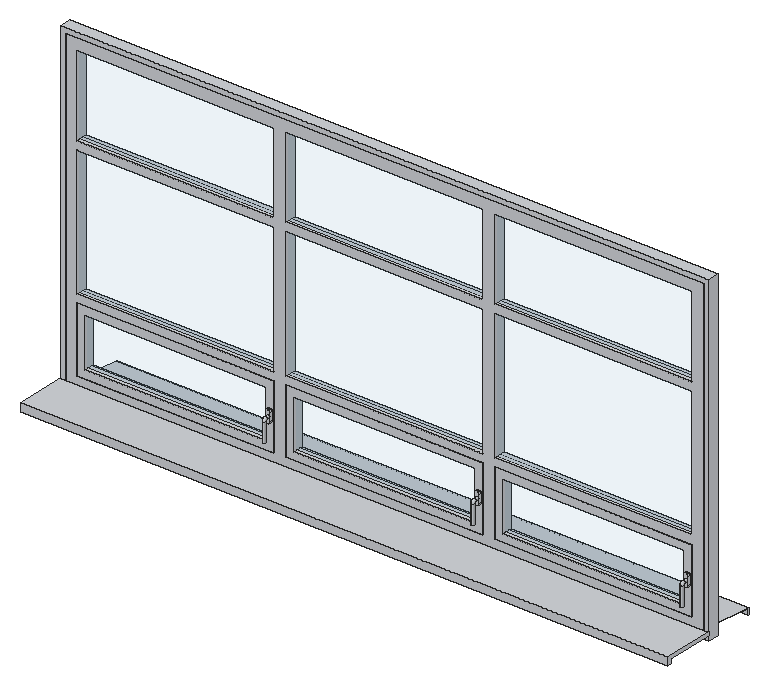
Revit family "AVLN_Окно_Две Фрамуга_3 створок  пробник", category Окна, Revit 2021
Family settings
  Основа = Стена
  Номер OmniClass = 23.30.20.00
  Заголовок OmniClass = Windows
  Всегда вертикально = Да
  При загрузке вырезать с полостями = Нет
  Общий = Нет
  Точка принадлежности помещению = Нет
Parameters (values of type "Для копирования!")
  Ширина рамы = 70 mm
  Ширина импоста = 50 mm
  Четверть слева/справа = 50 mm
  Четверть низ = 0 mm  # constant formula
  Четверть верх = 50 mm
  Створка_снизу_высота = 400 mm
  Створка_сверху_высота = 500 mm
  Низ право центр открывание = АВЛН_Створка открывная : Створка повороно-откидная левая
  Низ право открывание = АВЛН_Створка открывная : Створка повороно-откидная левая
  Низ лево центр открывание = АВЛН_Створка открывная : Створка повороно-откидная левая
  Низ лево открывание = АВЛН_Створка открывная : Створка повороно-откидная левая
  Створка_толщина = 25 mm  # constant formula
  Толщина основы [instance] = 200 mm
  Створка_центр_ширина = 1220 mm
  Створка_справа_ширина = 1220 mm
  Створка_слева_ширина = Width - ((Монтажный зазор * 2) + (Ширина рамы * 4) + Створка_справа_ширина + Створка_центр_ширина)  # 1220 mm
  Створка_профиль = 50 mm
  Створка_центр_высота = Height - (Створка_снизу_высота + Створка_сверху_высота + (Ширина рамы * 2) + Ширина импоста * 2 + (Монтажный зазор * 2))  # 800 mm
  Центр право открывание = АВЛН_Створка открывная : Створка глухая
  Центр лево центр открывание = АВЛН_Створка открывная : Створка глухая
  Центр лево открывание = АВЛН_Створка открывная : Створка глухая
  Центр право центр открывание = АВЛН_Створка открывная : Створка глухая
  Rough Width = Width - Монтажный зазор * 2  # 3940 mm
  Rough Height = Height - Монтажный зазор * 2  # 1940 mm
  Подстановочный профиль_Ширина = 20 mm  # constant formula
  Подстановочный профиль_Толщина = 60 mm
  Подоконник_Толщина = 20 mm
  Подоконник_Длина = Width  # 4000 mm
  Подоконник_Глубина = 280 mm
  Подоконник = yes
  М.Заполнение нижней створки = none
  Глубина импоста = 50 mm
  Глубина вставки = 0 mm
  Отлив_Толщина = 1 mm  # constant formula
  Отлив_Длина = Width - [Четверть слева/справа] * 2  # 3900 mm
  Отлив_Глубина = 280 mm
  Отлив = yes
  Откос_Н.Ширина = Width - 2 * [Четверть слева/справа]  # 3900 mm
  Откос_Н.Толщина.8 = 32 mm
  Откос_Н.Толщина.7 = 28 mm
  Откос_Н.Толщина.6 = 24 mm
  Откос_Н.Толщина.5 = 20 mm
  Откос_Н.Толщина.4 = 16 mm
  Откос_Н.Толщина.3 = 12 mm
  Откос_Н.Толщина.2 = 8 mm
  Откос_Н.Толщина.1 = 4 mm
  Откос_Н.Отступ_П = 0 mm  # constant formula
  Откос_Н.Отступ_Л = 0 mm  # constant formula
  Откос_Н.Количество слоев = 0
  Откос_Н.Глубина = 150 mm
  Откос_Н.Высота = Height - Четверть верх - Четверть низ  # 1950 mm
  Откос_В.Толщина.8 = 32 mm
  Откос_В.Толщина.7 = 28 mm
  Откос_В.Толщина.6 = 24 mm
  Откос_В.Толщина.5 = 20 mm
  Откос_В.Толщина.4 = 16 mm
  Откос_В.Толщина.3 = 12 mm
  Откос_В.Толщина.2 = 8 mm
  Откос_В.Толщина.1 = 4 mm
  Откос_В.Отступ_П [instance] = Монтажный зазор + Подоконник_Толщина  # 50 mm
  Откос_В.Отступ_Л [instance] = Монтажный зазор + Подоконник_Толщина  # 50 mm
  Откос_В.Количество слоев = 0
  Откос_В.Глубина [instance] = Толщина основы - Глубина вставки - Ширина рамы  # 130 mm
  Монтажный зазор = 30 mm
  М.Подоконник = none
  М.Отлив = none
  М.Откос_Н.8 = none
  М.Откос_Н.7 = none
  М.Откос_Н.6 = none
  М.Откос_Н.5 = none
  М.Откос_Н.4 = none
  М.Откос_Н.3 = none
  М.Откос_Н.2 = none
  М.Откос_Н.1 = none
  М.Откос_В.8 = none
  М.Откос_В.7 = none
  М.Откос_В.6 = none
  М.Откос_В.5 = none
  М.Откос_В.4 = none
  М.Откос_В.3 = none
  М.Откос_В.2 = none
  М.Откос_В.1 = none
  М.Монтажного зазора = none
  М.Стекла = none
  М.Рамы = none
  М.Подоконный профиль = none
  Type Comments = ""
  Height = 2000 mm
  Высота подоконника по умолчанию = 800 mm
  Замыкание стены = По основе
  Width = 4000 mm
  Верху право центр открывание = АВЛН_Створка открывная : Створка глухая
  Верх право открывание = АВЛН_Створка открывная : Створка глухая
  Верх лево центр открывание = АВЛН_Створка открывная : Створка глухая
  Верх лево открывание = АВЛН_Створка открывная : Створка глухая
  Аналитическая конструкция = "<Нет>"
  АВЛН_Проем_Ширина [instance] = Width  # 4000 mm
  АВЛН_Проем_Высота [instance] = Height  # 2000 mm
  ADSK_Этаж [instance] = ""
  ADSK_Размер_Ширина = Width  # 4000 mm
  ADSK_Размер_Высота = Height  # 2000 mm
  ADSK_Примечание [instance] = ""
  ADSK_Площадь = Height * Width  # 8.00 m²
  ADSK_Обозначение = ""
  ADSK_Номер секции [instance] = ""
  ADSK_Наименование = ""
  ADSK_Марка = ""
  ADSK_Группирование = ""
  -----------Разрезка----------- = "-----------"  # constant formula
  -----------Профили----------- = "-----------"  # constant formula
  -----------Подоконник----------- = "-----------"  # constant formula
  -----------Отлив----------- = "-----------"  # constant formula
  -----------Откос----------- = "-----------"  # constant formula
  -----------Основные габариты----------- = "-----------"  # constant formula
  -----------Вставка----------- = "-----------"  # constant formula
Reference planes
  plane 1 "По центру (Вперед/Назад)": y = 0
  plane 2 "По центру (Влево/Вправо)": x = 0
  plane 3 "Слева": x = -2000
  plane 4 "Справа": x = 2000
  plane 5 "Подоконник": z = 800
  plane 6 "Заголовок": z = 2800
  plane 7 "Наружный": y = 100
  plane 8 "Внутренние": y = -100
  plane 9 "Окно": y = 100
  plane 10: x = 1970
  plane 11: z = 2770
  plane 12: x = -1970
  plane 13: z = 830
  plane 14: x = 1950
  plane 15: x = -1950
  plane 16: z = 1800
  plane 17: y = 600
  plane 18: y = -400
  plane 19: z = 2750
  plane 20 "Чет. низ": z = 800
  plane 21 "Внутренняя грань": y = 30
  plane 22: y = 80
  plane 23 "Импост верх": z = 1350
  plane 24 "Импост низ": z = 1300
  plane 25: z = 900
  plane 26: z = 2700
  plane 27: x = -1900
  plane 28: x = 1900
  plane 29 "4": z = 1325
  plane 30 "5": x = -680
  plane 31 "6": x = -610
  plane 32 "7": x = 610
  plane 33 "8": x = 680
  plane 34 "10": x = 1290
  plane 35 "11": x = -1290
  plane 36 "12": z = 1750
  plane 37 "14": x = 0
  plane 38: z = 1100
  plane 39 "20": x = -610
  plane 40 "0": x = -645
  plane 41 "1": z = 2200
  plane 42 "2": z = 2150
  plane 43 "3": z = 2175
  plane 44 "17": z = 2450
Forms (mm)
  Extrusion 1, void
    sketch origin (0, 100, 0) x (1, 0, 0) y (0, 0, 1)
      loop
        line (1950, 2750) -> (-1950, 2750) -> (-1950, 800) -> (1950, 800) -> (1950, 2750)
    from -500 to 20
  Extrusion 2, void
    sketch origin (0, 100, 0) x (1, 0, 0) y (0, 0, 1)
      loop
        line (2000, 2800) -> (-2000, 2800) -> (-2000, 800) -> (2000, 800) -> (2000, 2800)
    from 0 to 500
  Extrusion 3, solid, material <- "М.Монтажного зазора", detail levels medium+fine
    sketch origin (0, 100, 0) x (1, 0, 0) y (0, 0, 1)
      loop
        line (2000, 2800) -> (-2000, 2800) -> (-2000, 800) -> (2000, 800) -> (2000, 2800)
      loop
        line (-1970, 2770) -> (-1970, 830) -> (1970, 830) -> (1970, 2770) -> (-1970, 2770)
    from 0 to 70
  Extrusion 4, solid, material <- "М.Рамы", detail levels medium+fine
    sketch origin (0, 100, 0) x (-1, 0, 0) y (0, 0, 1)
      loop
        line (-1970, 2770) -> (-1970, 830) -> (1970, 830) -> (1970, 2770) -> (-1970, 2770)
      loop
        line (610, 900) -> (610, 1300) -> (-610, 1300) -> (-610, 900) -> (610, 900)
      loop
        line (-680, 2700) -> (-1900, 2700) -> (-1900, 2200) -> (-680, 2200) -> (-680, 2700)
      loop
        line (-680, 900) -> (-680, 1300) -> (-1900, 1300) -> (-1900, 900) -> (-680, 900)
      loop
        line (-680, 1350) -> (-680, 2150) -> (-1900, 2150) -> (-1900, 1350) -> (-680, 1350)
      loop
        line (-610, 1350) -> (610, 1350) -> (610, 2150) -> (-610, 2150) -> (-610, 1350)
      loop
        line (680, 2700) -> (680, 2200) -> (1900, 2200) -> (1900, 2700) -> (680, 2700)
      loop
        line (680, 1350) -> (1900, 1350) -> (1900, 2150) -> (680, 2150) -> (680, 1350)
      loop
        line (680, 1300) -> (680, 900) -> (1900, 900) -> (1900, 1300) -> (680, 1300)
      loop
        line (610, 2700) -> (-610, 2700) -> (-610, 2200) -> (610, 2200) -> (610, 2700)
    from -70 to 0
Lines and regions (mm)
  reference lines
    curve 1: line (-2000, -100, 1325) -> (2000, -100, 1325)
    curve 2: line (-645, -100, 2800) -> (-645, -100, 800)
    curve 3: line (645, -100, 2800) -> (645, -100, 800)
    curve 4: line (0, -100, 2800) -> (0, -100, 800)
    curve 5: line (-2000, -100, 2175) -> (2000, -100, 2175)
Text (mm)
  text "EXTERIOR" at (-1963.203, 1332.353, 0), in view "Опорный уровень"
  text "INTERIOR" at (-1981.466, -818.386, 0), in view "Опорный уровень"
  text "Наружный" at (0, 923.751, 2943.296), in view "Справа"
  text "Наружный" at (0, 1240.237, 2685.409), in view "Слева"
Dimensions and locks
  equal spacing: plane 3 "Слева", plane 2 "По центру (Влево/Вправо)", plane 4 "Справа"
  "Width": plane 3 "Слева" to plane 4 "Справа"
  "Height": plane 5 "Подоконник" to plane 6 "Заголовок"
  "Высота подоконника по умолчанию": plane 5 "Подоконник" to level
  locked: plane 7 "Наружный" to host wall
  locked: plane 8 "Внутренние" to host wall
  "Глубина вставки": plane 9 "Окно" to plane 7 "Наружный"
  "Монтажный зазор": plane 10 to plane 4 "Справа"
  "Монтажный зазор": plane 3 "Слева" to plane 12
  "Монтажный зазор": plane 11 to plane 6 "Заголовок"
  "Монтажный зазор": plane 5 "Подоконник" to plane 13
  "Четверть слева/справа": plane 14 to plane 4 "Справа"
  "Четверть слева/справа": plane 3 "Слева" to plane 15
  equal spacing: plane 5 "Подоконник", plane 16, plane 6 "Заголовок"
  locked: plane 7 "Наружный" to plane 17 at 500
  locked: plane 18 to plane 8 "Внутренние" at 300
  "Четверть верх": plane 19 to plane 6 "Заголовок"
  "Четверть низ": plane 5 "Подоконник" to plane 20 "Чет. низ"
  "Ширина рамы": plane 9 "Окно" to plane 21 "Внутренняя грань"
  "Толщина основы": host wall to host wall
  locked: plane 22 to plane 21 "Внутренняя грань" at 50
  "Ширина импоста": plane 24 "Импост низ" to plane 23 "Импост верх"
  "Ширина рамы": plane 28 to plane 10
  "Ширина рамы": plane 12 to plane 27
  "Ширина рамы": plane 13 to plane 25
  "Ширина рамы": plane 26 to plane 11
  plane 23 "Импост верх" to plane 26 = 1350 mm
  "Створка_снизу_высота": plane 25 to plane 24 "Импост низ"
  equal spacing: plane 23 "Импост верх", plane 29 "4", plane 24 "Импост низ"
  "Створка_слева_ширина": plane 27 to plane 30 "5"
  "Ширина рамы": plane 30 "5" to plane 31 "6"
  "Ширина рамы": plane 32 "7" to plane 33 "8"
  "Створка_справа_ширина": plane 33 "8" to plane 28
  equal spacing: plane 32 "7", curve 3, plane 33 "8"
  equal spacing: plane 30 "5", curve 2, plane 31 "6"
  equal spacing: plane 33 "8", plane 34 "10", plane 28
  equal spacing: plane 27, plane 35 "11", plane 30 "5"
  equal spacing: plane 42 "2", plane 36 "12", plane 23 "Импост верх"
  equal spacing: plane 39 "20", plane 37 "14", plane 32 "7"
  equal spacing: plane 24 "Импост низ", plane 38, plane 25
  "Ширина импоста": plane 42 "2" to plane 41 "1"
  equal spacing: plane 41 "1", plane 43 "3", plane 42 "2"
  equal spacing: plane 26, plane 44 "17", plane 41 "1"
  "Створка_сверху_высота": plane 26 to plane 41 "1"
  plane 40 "0" to plane 39 "20" = 35 mm
  "Створка_центр_ширина": plane 39 "20" to plane 32 "7"
  "Глубина импоста": plane 22 to Extrusion 4
  aligned and locked: Extrusion 1 sketch curve to plane 14
  aligned and locked: Extrusion 1 sketch curve to plane 15
  aligned and locked: Extrusion 1 to plane 17
  aligned and locked: Extrusion 2 sketch curve to plane 6 "Заголовок"
  aligned and locked: Extrusion 2 sketch curve to plane 4 "Справа"
  aligned and locked: plane 5 "Подоконник" to Extrusion 2 sketch curve
  aligned and locked: plane 3 "Слева" to Extrusion 2 sketch curve
  aligned and locked: Extrusion 2 to plane 9 "Окно"
  aligned and locked: Extrusion 2 to plane 18
  aligned and locked: Extrusion 1 sketch curve to plane 19
  aligned and locked: Extrusion 1 sketch curve to plane 20 "Чет. низ"
  aligned and locked: plane 9 "Окно" to nested 1
  aligned and locked: plane 2 "По центру (Влево/Вправо)" to nested 1
  aligned and locked: nested 2 to plane 21 "Внутренняя грань"
  aligned and locked: nested 2 to plane 2 "По центру (Влево/Вправо)"
  aligned and locked: nested 3 to plane 2 "По центру (Влево/Вправо)"
  aligned and locked: plane 8 "Внутренние" to nested 3
  aligned and locked: nested 4 to plane 9 "Окно"
  aligned and locked: Extrusion 3 sketch curve to plane 6 "Заголовок"
  aligned and locked: Extrusion 3 sketch curve to plane 4 "Справа"
  aligned and locked: Extrusion 3 sketch curve to nested 2  (x2)
  aligned and locked: Extrusion 3 sketch curve to plane 11
  aligned and locked: Extrusion 3 sketch curve to plane 12
  aligned and locked: Extrusion 3 sketch curve to plane 13
  aligned and locked: Extrusion 3 sketch curve to plane 10
  aligned and locked: Extrusion 3 to nested 2
  aligned and locked: nested 4 to plane 20 "Чет. низ"
  aligned and locked: nested 4 to plane 2 "По центру (Влево/Вправо)"
  aligned and locked: Extrusion 3 to plane 9 "Окно"
  aligned and locked: Extrusion 4 to plane 9 "Окно"
  aligned and locked: Extrusion 1 to plane 22
  aligned and locked: curve 1 to plane 29 "4"
  aligned and locked: plane 6 "Заголовок" to curve 2
  aligned and locked: plane 6 "Заголовок" to curve 3
  aligned and locked: plane 5 "Подоконник" to curve 3
  aligned and locked: plane 5 "Подоконник" to curve 2
  aligned and locked: plane 34 "10" to nested 6
  aligned and locked: nested 6 to plane 36 "12"
  aligned and locked: plane 37 "14" to nested 7
  aligned and locked: plane 36 "12" to nested 7
  aligned and locked: plane 36 "12" to nested 5
  aligned and locked: plane 38 to nested 8
  aligned and locked: plane 38 to nested 9
  aligned and locked: plane 37 "14" to nested 9
  aligned and locked: nested 10 to plane 38
  aligned and locked: plane 34 "10" to nested 10
  aligned and locked: Extrusion 4 sketch curve to plane 10
  aligned and locked: Extrusion 4 sketch curve to plane 13
  aligned and locked: Extrusion 4 sketch curve to plane 12
  aligned and locked: Extrusion 4 sketch curve to plane 11
  aligned and locked: Extrusion 4 sketch curve to plane 25  (x2)
  aligned and locked: plane 25 to Extrusion 4 sketch curve
  aligned and locked: plane 24 "Импост низ" to Extrusion 4 sketch curve
  aligned and locked: plane 23 "Импост верх" to Extrusion 4 sketch curve
  aligned and locked: plane 26 to Extrusion 4 sketch curve
  aligned and locked: Extrusion 4 sketch curve to plane 28  (x2)
  aligned and locked: Extrusion 4 sketch curve to plane 23 "Импост верх"
  aligned and locked: Extrusion 4 sketch curve to plane 24 "Импост низ"
  aligned and locked: Extrusion 4 sketch curve to plane 26
  aligned and locked: Extrusion 4 sketch curve to plane 27  (x2)
  aligned and locked: curve 5 to plane 43 "3"
  aligned and locked: Extrusion 4 sketch curve to plane 41 "1"  (x3)
  aligned and locked: Extrusion 4 sketch curve to plane 42 "2"  (x3)
  aligned and locked: plane 34 "10" to nested 12
  aligned and locked: nested 12 to plane 44 "17"
  aligned and locked: plane 44 "17" to nested 11
  aligned and locked: plane 2 "По центру (Влево/Вправо)" to nested 13
  aligned and locked: plane 44 "17" to nested 13
  aligned and locked: plane 30 "5" to nested 11
  aligned and locked: plane 30 "5" to nested 5
  aligned and locked: plane 30 "5" to nested 8
  aligned and locked: plane 31 "6" to nested 13
  aligned and locked: plane 32 "7" to nested 13
  aligned and locked: nested 13 to Extrusion 4
  aligned and locked: plane 39 "20" to nested 13
  aligned and locked: plane 32 "7" to nested 7
  aligned and locked: plane 31 "6" to nested 7
  aligned and locked: plane 31 "6" to nested 9
  aligned and locked: plane 32 "7" to nested 9
  aligned and locked: plane 39 "20" to nested 7
  aligned and locked: plane 39 "20" to nested 9
  aligned and locked: nested 7 to Extrusion 4
  aligned and locked: nested 9 to Extrusion 4
Automatic sketch dimensions
  plane 3 "Слева" to curve 5 = 0 mm
  plane 4 "Справа" to curve 5 = 0 mm
  curve 4 to plane 5 "Подоконник" = 0 mm
  curve 4 to plane 6 "Заголовок" = 0 mm
  plane 28 to Extrusion 4 sketch curve = 0 mm
  Extrusion 4 sketch curve to plane 24 "Импост низ" = 0 mm
  Extrusion 4 sketch curve to plane 23 "Импост верх" = 0 mm
  Extrusion 4 sketch curve to plane 26 = 0 mm
  plane 27 to Extrusion 4 sketch curve = 0 mm
  Extrusion 4 sketch curve to plane 37 "14" = 680 mm  (x2)
  Extrusion 4 sketch curve to Extrusion 4 sketch curve = 0 mm  (x4)
  Extrusion 4 sketch curve to Extrusion 4 sketch curve = 70 mm  (x4)
  Extrusion 4 sketch curve to plane 31 "6" = 0 mm  (x2)
  plane 2 "По центру (Влево/Вправо)" to curve 4 = 0 mm
  plane 3 "Слева" to curve 1 = 0 mm
  plane 4 "Справа" to curve 1 = 0 mm
Nested families
  nested 1: "Отлив" at (0, 100, 800) x (-1, 0, 0) z (0, 0, 1), Глубина отлива <- "Отлив_Глубина", Длина отлива <- "Отлив_Длина", ТО <- "Отлив_Толщина", Ш_МЗЗ <- "Монтажный зазор", Ш_ПП <- "Подстановочный профиль_Ширина", ADSK_Группирование <- "ADSK_Группирование", ADSK_Номер секции <- "ADSK_Номер секции", ADSK_Этаж <- "ADSK_Этаж", visible <- "Отлив", М <- "М.Отлив", type "Отлив", detail levels fine
    with Ш_ПП 20 mm, Ш_МЗЗ 30 mm, ТО 1 mm, М none, Длина отлива 3900 mm, Глубина отлива 280 mm, ADSK_Этаж "", ADSK_Примечание "", ADSK_Обозначение "", ADSK_Номер секции "", ADSK_Наименование "", ADSK_Марка "", ADSK_Группирование ""
  nested 2: "Подоконник" at (0, 30, 800), Глубина подоконника <- "Подоконник_Глубина", Длина отлива <- "Подоконник_Длина", ТП <- "Подоконник_Толщина", Ш_МЗЗ <- "Монтажный зазор", Ш_ПП <- "Подстановочный профиль_Ширина", ADSK_Группирование <- "ADSK_Группирование", ADSK_Номер секции <- "ADSK_Номер секции", ADSK_Этаж <- "ADSK_Этаж", visible <- "Подоконник", М <- "М.Подоконник", type "Подоконник", detail levels fine
    with Ш_ПП 20 mm, Ш_МЗЗ 30 mm, ТП 20 mm, М none, Длина отлива 4000 mm, Глубина подоконника 280 mm, ADSK_Этаж "", ADSK_Примечание "", ADSK_Обозначение "", ADSK_Номер секции "", ADSK_Наименование "", ADSK_Марка "", ADSK_Группирование ""
  nested 3: "AVLN_Откосы_R19" at (0, -100, 0), Глубина <- "Откос_В.Глубина", Высота от уровня <- "Высота подоконника по умолчанию", ADSK_Группирование <- "Type Comments", ADSK_Этаж <- "ADSK_Этаж", ADSK_Номер секции <- "ADSK_Номер секции", Материал_1 <- "М.Откос_В.1", Материал_2 <- "М.Откос_В.2", Материал_3 <- "М.Откос_В.3", Материал_4 <- "М.Откос_В.4", Материал_5 <- "М.Откос_В.5", Материал_6 <- "М.Откос_В.6", Материал_7 <- "М.Откос_В.7", Материал_8 <- "М.Откос_В.8", Толщина_1 <- "Откос_В.Толщина.1", Толщина_2 <- "Откос_В.Толщина.2", Толщина_3 <- "Откос_В.Толщина.3", Толщина_4 <- "Откос_В.Толщина.4", Толщина_5 <- "Откос_В.Толщина.5", Толщина_6 <- "Откос_В.Толщина.6", Толщина_7 <- "Откос_В.Толщина.7", Толщина_8 <- "Откос_В.Толщина.8", Количество слоев <- "Откос_В.Количество слоев", Отступ_Л <- "Откос_В.Отступ_Л", Отступ_П <- "Откос_В.Отступ_П", Высота <- "Height", Ширина <- "Width", type "AVLN_Откосы_R19"
    with Ширина_8 3776 mm, Ширина_7 3832 mm, Ширина_6 3880 mm, Ширина_5 3920 mm, Ширина_4 3952 mm, Ширина_3 3976 mm, Ширина_2 3992 mm, Ширина 4000 mm, Толщина_8 32 mm, Толщина_7 28 mm, Толщина_6 24 mm, Толщина_5 20 mm, Толщина_4 16 mm, Толщина_3 12 mm, Толщина_2 8 mm, Толщина_1 4 mm, Отступ_П 50 mm, Отступ_Л 50 mm, Материал_8 none, Материал_7 none, Материал_6 none, Материал_5 none, Материал_4 none, Материал_3 none, Материал_2 none, Материал_1 none, Количество слоев 0, Глубина 130 mm, Высота_8 1888 mm, Высота_7 1916 mm, Высота_6 1940 mm, Высота_5 1960 mm, Высота_4 1976 mm, Высота_3 1988 mm, Высота_2 1996 mm, Высота от уровня 800 mm, Высота 2000 mm, Видимость_8 no, Видимость_7 no, Видимость_6 no, Видимость_5 no, Видимость_4 no, Видимость_3 no, Видимость_2 no, Видимость_1 no, ADSK_Этаж "", ADSK_Номер секции "", ADSK_Группирование ""
  nested 4: "AVLN_Откосы_R19" at (0, 100, 0), Ширина <- "Откос_Н.Ширина", Глубина <- "Откос_Н.Глубина", Высота <- "Откос_Н.Высота", Высота от уровня <- "Высота подоконника по умолчанию", ADSK_Группирование <- "Type Comments", ADSK_Этаж <- "ADSK_Этаж", ADSK_Номер секции <- "ADSK_Номер секции", Материал_1 <- "М.Откос_Н.1", Материал_2 <- "М.Откос_Н.2", Материал_3 <- "М.Откос_Н.3", Материал_4 <- "М.Откос_Н.4", Материал_5 <- "М.Откос_Н.5", Материал_6 <- "М.Откос_Н.6", Материал_7 <- "М.Откос_Н.7", Материал_8 <- "М.Откос_Н.8", Толщина_1 <- "Откос_Н.Толщина.1", Толщина_2 <- "Откос_Н.Толщина.2", Толщина_3 <- "Откос_Н.Толщина.3", Толщина_4 <- "Откос_Н.Толщина.4", Толщина_5 <- "Откос_Н.Толщина.5", Толщина_6 <- "Откос_Н.Толщина.6", Толщина_7 <- "Откос_Н.Толщина.7", Толщина_8 <- "Откос_Н.Толщина.8", Количество слоев <- "Откос_Н.Количество слоев", Отступ_Л <- "Откос_Н.Отступ_Л", Отступ_П <- "Откос_Н.Отступ_П", type "AVLN_Откосы_R19"
    with Ширина_8 3676 mm, Ширина_7 3732 mm, Ширина_6 3780 mm, Ширина_5 3820 mm, Ширина_4 3852 mm, Ширина_3 3876 mm, Ширина_2 3892 mm, Ширина 3900 mm, Толщина_8 32 mm, Толщина_7 28 mm, Толщина_6 24 mm, Толщина_5 20 mm, Толщина_4 16 mm, Толщина_3 12 mm, Толщина_2 8 mm, Толщина_1 4 mm, Отступ_П 0 mm, Отступ_Л 0 mm, Материал_8 none, Материал_7 none, Материал_6 none, Материал_5 none, Материал_4 none, Материал_3 none, Материал_2 none, Материал_1 none, Количество слоев 0, Глубина 150 mm, Высота_8 1838 mm, Высота_7 1866 mm, Высота_6 1890 mm, Высота_5 1910 mm, Высота_4 1926 mm, Высота_3 1938 mm, Высота_2 1946 mm, Высота от уровня 800 mm, Высота 1950 mm, Видимость_8 no, Видимость_7 no, Видимость_6 no, Видимость_5 no, Видимость_4 no, Видимость_3 no, Видимость_2 no, Видимость_1 no, ADSK_Этаж "", ADSK_Номер секции "", ADSK_Группирование ""
  nested 5: "АВЛН_Створка открывная" at (-1290, 30, 1750) x (1, 0, 0) z (0, 1, 0), type <- "Центр лево открывание", Створка высота <- "Створка_центр_высота", Створка ширина <- "Створка_слева_ширина", Ширина рамы <- "Створка_профиль", Материал_Стеклопакет <- "М.Стекла", Материал_Рама <- "М.Рамы", Материал_Ручки <- "М.Рамы", type "Створка глухая", detail levels medium+fine
    with Ширина рамы 50 mm, Створка ширина 1220 mm, Створка высота 800 mm, Материал_Стеклопакет none, Материал_Ручки none, Материал_Рама none, Width 1220 mm, Height 800 mm
  nested 6: "АВЛН_Створка открывная" at (1290, 30, 1750) x (1, 0, 0) z (0, 1, 0), type <- "Центр право открывание", Створка высота <- "Створка_центр_высота", Створка ширина <- "Створка_справа_ширина", Ширина рамы <- "Створка_профиль", Материал_Стеклопакет <- "М.Стекла", Материал_Рама <- "М.Рамы", Материал_Ручки <- "М.Рамы", type "Створка глухая", detail levels medium+fine
    with Ширина рамы 50 mm, Створка ширина 1220 mm, Створка высота 800 mm, Материал_Стеклопакет none, Материал_Ручки none, Материал_Рама none, Width 1220 mm, Height 800 mm
  nested 7: "АВЛН_Створка открывная" at (0, 30, 1750) x (1, 0, 0) z (0, 1, 0), Створка высота <- "Створка_центр_высота", Створка ширина <- "Створка_центр_ширина", Ширина рамы <- "Створка_профиль", type <- "Центр право центр открывание", Материал_Стеклопакет <- "М.Стекла", Материал_Рама <- "М.Рамы", Материал_Ручки <- "М.Рамы", type "Створка глухая", detail levels medium+fine
    with Ширина рамы 50 mm, Створка ширина 1220 mm, Створка высота 800 mm, Материал_Стеклопакет none, Материал_Ручки none, Материал_Рама none, Width 1220 mm, Height 800 mm
  nested 8: "АВЛН_Створка открывная" at (-1290, 30, 1100) x (1, 0, 0) z (0, 1, 0), Створка высота <- "Створка_снизу_высота", Створка ширина <- "Створка_слева_ширина", Ширина рамы <- "Створка_профиль", type <- "Низ лево открывание", Материал_Стеклопакет <- "М.Заполнение нижней створки", Материал_Рама <- "М.Рамы", Материал_Ручки <- "М.Рамы", type "Створка повороно-откидная левая", detail levels medium+fine
    with Ширина рамы 50 mm, Створка ширина 1220 mm, Створка высота 400 mm, Материал_Стеклопакет none, Материал_Ручки none, Материал_Рама none, Width 1220 mm, Height 800 mm
  nested 9: "АВЛН_Створка открывная" at (0, 30, 1100) x (1, 0, 0) z (0, 1, 0), Створка высота <- "Створка_снизу_высота", Створка ширина <- "Створка_центр_ширина", Ширина рамы <- "Створка_профиль", type <- "Низ право центр открывание", Материал_Стеклопакет <- "М.Заполнение нижней створки", Материал_Рама <- "М.Рамы", Материал_Ручки <- "М.Рамы", type "Створка повороно-откидная левая", detail levels medium+fine
    with Ширина рамы 50 mm, Створка ширина 1220 mm, Створка высота 400 mm, Материал_Стеклопакет none, Материал_Ручки none, Материал_Рама none, Width 1220 mm, Height 800 mm
  nested 10: "АВЛН_Створка открывная" at (1290, 30, 1100) x (1, 0, 0) z (0, 1, 0), type <- "Низ право открывание", Створка высота <- "Створка_снизу_высота", Створка ширина <- "Створка_справа_ширина", Ширина рамы <- "Створка_профиль", Материал_Стеклопакет <- "М.Заполнение нижней створки", Материал_Рама <- "М.Рамы", Материал_Ручки <- "М.Рамы", type "Створка повороно-откидная левая", detail levels medium+fine
    with Ширина рамы 50 mm, Створка ширина 1220 mm, Створка высота 400 mm, Материал_Стеклопакет none, Материал_Ручки none, Материал_Рама none, Width 1220 mm, Height 800 mm
  nested 11: "АВЛН_Створка открывная" at (-1290, 30, 2450) x (1, 0, 0) z (0, 1, 0), type <- "Верх лево открывание", Створка высота <- "Створка_сверху_высота", Створка ширина <- "Створка_слева_ширина", Ширина рамы <- "Створка_профиль", Материал_Стеклопакет <- "М.Стекла", Материал_Рама <- "М.Рамы", Материал_Ручки <- "М.Рамы", type "Створка глухая", detail levels medium+fine
    with Ширина рамы 50 mm, Створка ширина 1220 mm, Створка высота 500 mm, Материал_Стеклопакет none, Материал_Ручки none, Материал_Рама none, Width 1220 mm, Height 800 mm
  nested 12: "АВЛН_Створка открывная" at (1290, 30, 2450) x (1, 0, 0) z (0, 1, 0), type <- "Верх право открывание", Створка высота <- "Створка_сверху_высота", Створка ширина <- "Створка_справа_ширина", Ширина рамы <- "Створка_профиль", Материал_Стеклопакет <- "М.Стекла", Материал_Рама <- "М.Рамы", Материал_Ручки <- "М.Рамы", type "Створка глухая", detail levels medium+fine
    with Ширина рамы 50 mm, Створка ширина 1220 mm, Створка высота 500 mm, Материал_Стеклопакет none, Материал_Ручки none, Материал_Рама none, Width 1220 mm, Height 800 mm
  nested 13: "АВЛН_Створка открывная" at (0, 30, 2450) x (1, 0, 0) z (0, 1, 0), Створка высота <- "Створка_сверху_высота", Створка ширина <- "Створка_центр_ширина", Ширина рамы <- "Створка_профиль", type <- "Верху право центр открывание", Материал_Стеклопакет <- "М.Стекла", Материал_Рама <- "М.Рамы", Материал_Ручки <- "М.Рамы", type "Створка глухая", detail levels medium+fine
    with Ширина рамы 50 mm, Створка ширина 1220 mm, Створка высота 500 mm, Материал_Стеклопакет none, Материал_Ручки none, Материал_Рама none, Width 1220 mm, Height 800 mm
Definition of nested family "Отлив"
  Parameters (values of type "Отлив")
    Ш_ПП [instance] = 50 mm
    Ш_МЗЗ [instance] = 35 mm
    ТО [instance] = 1 mm
    Default Elevation = 1219.2 mm
    М [instance] = none
    Длина отлива [instance] = 1560 mm
    Глубина отлива [instance] = 280 mm
    ADSK_Этаж [instance] = ""
    ADSK_Примечание [instance] = ""
    ADSK_Обозначение [instance] = ""
    ADSK_Номер секции [instance] = ""
    ADSK_Наименование [instance] = ""
    ADSK_Марка [instance] = ""
    ADSK_Группирование [instance] = ""
  Reference planes
    plane 1 "По центру (Вперед/Назад)": y = 0
    plane 2: z = 0
    plane 3 "По центру (Влево/Вправо)": x = 0
    plane 4: y = -280
    plane 5: x = -780
    plane 6: x = 780
    plane 7: z = 35
    plane 8: z = 85
    plane 9: y = -1
    plane 10: y = -300
    plane 11: y = -301
    plane 12: z = -35
    plane 13: z = 34
  Forms (mm)
    Extrusion 1, solid, material <- "М"
      sketch origin (0, 0, 0) x (0, 1, 0) y (0, 0, 1)
        loop
          line (0, 85) -> (-1, 85) -> (-1, 34.893) -> (-301, 0.893) -> (-301, -35) -> (-300, -35) -> (-300, 0) -> (0, 34) -> (0, 85)
      from -780 to 780
  Dimensions and locks
    equal spacing: plane 5, plane 3 "По центру (Влево/Вправо)", plane 6
    "Длина отлива": plane 5 to plane 6
    "Глубина отлива": plane 4 to plane 1 "По центру (Вперед/Назад)"
    "Ш_МЗЗ": plane 7 to level
    "Ш_ПП": plane 8 to plane 7
    "ТО": plane 1 "По центру (Вперед/Назад)" to plane 9
    "ТО": plane 10 to plane 11
    locked: level to plane 12 at 35
    "ТО": plane 7 to plane 13
    "ТО": Extrusion 1 sketch curve to Extrusion 1 sketch curve
    locked: plane 4 to plane 10 at 20
    aligned and locked: level to plane 2
    aligned and locked: plane 8 to Extrusion 1 sketch curve
    aligned and locked: plane 9 to Extrusion 1 sketch curve
    aligned and locked: plane 11 to Extrusion 1 sketch curve
    aligned and locked: plane 12 to Extrusion 1 sketch curve
    aligned and locked: plane 1 "По центру (Вперед/Назад)" to Extrusion 1 sketch curve  (x2)
    aligned and locked: plane 13 to Extrusion 1 sketch curve
    aligned and locked: level to Extrusion 1 sketch curve
    aligned and locked: plane 10 to Extrusion 1 sketch curve
    aligned and locked: plane 6 to Extrusion 1
    aligned and locked: Extrusion 1 to plane 5
Definition of nested family "Подоконник"
  Parameters (values of type "Подоконник")
    Ш_ПП [instance] = 50 mm
    Ш_МЗЗ [instance] = 35 mm
    ТП [instance] = 20 mm
    Default Elevation = 1219.2 mm
    М [instance] = none
    Длина отлива [instance] = 1560 mm
    Глубина подоконника [instance] = 280 mm
    ADSK_Этаж [instance] = ""
    ADSK_Примечание [instance] = ""
    ADSK_Обозначение [instance] = ""
    ADSK_Номер секции [instance] = ""
    ADSK_Наименование [instance] = ""
    ADSK_Марка [instance] = ""
    ADSK_Группирование [instance] = ""
  Reference planes
    plane 1 "По центру (Вперед/Назад)": y = 0
    plane 2: z = 0
    plane 3 "По центру (Влево/Вправо)": x = 0
    plane 4: y = -280
    plane 5: x = -780
    plane 6: x = 780
    plane 7: z = 35
    plane 8: z = 85
    plane 9: y = -20
    plane 10: y = -290
    plane 11: y = -310
    plane 12: z = -35
    plane 13: z = 15
    plane 14: z = 65
  Forms (mm)
    Extrusion 1, solid, material <- "М"
      sketch origin (0, 0, 0) x (0, 1, 0) y (0, 0, 1)
        loop
          line (0, 85) -> (-310, 85) -> (-310, 0) -> (-290, 0) -> (-290, 65) -> (0, 65) -> (0, 85)
      from -780 to 780
  Dimensions and locks
    equal spacing: plane 5, plane 3 "По центру (Влево/Вправо)", plane 6
    "Длина отлива": plane 5 to plane 6
    "Глубина подоконника": plane 4 to plane 1 "По центру (Вперед/Назад)"
    "Ш_МЗЗ": plane 7 to level
    "Ш_ПП": plane 8 to plane 7
    "ТП": plane 1 "По центру (Вперед/Назад)" to plane 9
    "ТП": plane 10 to plane 11
    locked: level to plane 12 at 35
    "ТП": plane 7 to plane 13
    locked: plane 4 to plane 10 at 10
    "ТП": plane 8 to plane 14
    aligned and locked: level to plane 2
    aligned and locked: plane 8 to Extrusion 1 sketch curve
    aligned and locked: plane 1 "По центру (Вперед/Назад)" to Extrusion 1 sketch curve
    aligned and locked: plane 10 to Extrusion 1 sketch curve
    aligned and locked: plane 11 to Extrusion 1 sketch curve
    aligned and locked: level to Extrusion 1 sketch curve
    aligned and locked: plane 14 to Extrusion 1 sketch curve
    aligned and locked: Extrusion 1 to plane 5
    aligned and locked: plane 6 to Extrusion 1
Definition of nested family "АВЛН_Створка открывная"
  Parameters (values of type "Створка повороно-откидная правая")
    Ширина рамы [instance] = 50 mm
    Width = 600 mm
    Створка ширина [instance] = 800 mm
    Створка высота [instance] = 700 mm
    Материал_Стеклопакет [instance] = none
    Поворотная Правая = yes
    Поворотная Левая = no
    Default Elevation = 1219.2 mm
    Открываная = yes
    Откидная = yes
    Материал_Ручки [instance] = none
    Материал_Рама [instance] = none
    Левая = yes
    Глухое = no
    Height = 1150 mm
    Analytic Construction = "<Нет>"
  Types (6, lengths in mm): name | Поворотная Правая | Поворотная Левая | Открываная | Откидная | Глухое
    Створка повороно-откидная правая | yes | no | yes | yes | no
    Створка повороно-откидная левая | no | yes | yes | yes | no
    Створка глухая | no | no | no | no | yes
    Створка откидная | no | no | yes | yes | no
    Створка поворотная правая | yes | no | yes | no | no
    Створка поворотная левая | no | yes | yes | no | no
  Reference planes
    plane 1 "По центру (Вперед/Назад)": y = 0
    plane 2 "Внутрення грань": z = 0
    plane 3 "По центру (Влево/Вправо)": x = 0
    plane 4: y = 350
    plane 5: x = 400
    plane 6: y = -350
    plane 7: x = -400
    plane 8 "Наружняя грань": z = 60.433
    plane 9 "По центру Л/Р": z = 30.216
  Forms (mm)
    Extrusion 1, solid
      sketch origin (0, 0, 0) x (1, 0, 0) y (0, 1, 0)
        loop
          line (-1219.2, 1219.2) -> (-1219.2, -1219.2) -> (1219.2, -1219.2) -> (1219.2, 1219.2) -> (-1219.2, 1219.2)
      from 0 to -304.8
    Sweep 2, solid, material <- "Материал_Рама", visible <- "Открываная"
      path origin (0, 0, 0) x (1, 0, 0) y (0, 1, 0)
        loop
          line (400, 350) -> (-400, 350) -> (-400, -350) -> (400, -350) -> (400, 350)
      profile origin (0, 350, 0) x (0, -1, 0) y (0, 0, 1)
        loop
          line (0, 0) -> (50, 0) -> (50, 60.433) -> (0, 60.433) -> (0, 0)
    Extrusion 3, solid, material <- "Материал_Стеклопакет", visible <- "Открываная"
      sketch origin (0, 0, 0) x (1, 0, 0) y (0, 1, 0)
        loop
          line (-350, 300) -> (-350, -300) -> (350, -300) -> (350, 300) -> (-350, 300)
      from 17.481 to 42.952
    Extrusion 4, solid, material <- "Материал_Стеклопакет", visible <- "Глухое"
      sketch origin (0, 0, 0) x (1, 0, 0) y (0, 1, 0)
        loop
          line (-400, 350) -> (-400, -350) -> (400, -350) -> (400, 350) -> (-400, 350)
      from 17.481 to 42.952
  Lines and regions (mm)
    model lines, visible <- "Глухое", detail levels medium+fine
      curve 1: line (0, 50, 60.433) -> (0, -50, 60.433)
      curve 2: line (50, 0, 60.433) -> (-50, 0, 60.433)
      curve 17: line (0, 50, 0) -> (0, -50, 0)
      curve 18: line (50, 0, 0) -> (-50, 0, 0)
    model lines, visible <- "Глухое", not visible, detail levels medium+fine
      curve 3: line (60, 38.001, 60.433) -> (60, -61.999, 60.433)
      curve 4: line (110, -11.999, 60.433) -> (10, -11.999, 60.433)
    model lines, visible <- "Поворотная Правая", detail levels medium+fine
      curve 5: line (400, 350, 0) -> (-400, 0, 0)
      curve 6: line (400, -350, 0) -> (-400, 0, 0)
      curve 13: line (400, 350, 60.433) -> (-400, 0, 60.433)
      curve 14: line (400, -350, 60.433) -> (-400, 0, 60.433)
    model lines, visible <- "Откидная", detail levels medium+fine
      curve 7: line (-400, -350, 0) -> (0, 350, 0)
      curve 8: line (0, 350, 0) -> (400, -350, 0)
      curve 15: line (-400, -350, 60.433) -> (0, 350, 60.433)
      curve 16: line (0, 350, 60.433) -> (400, -350, 60.433)
    model lines, visible <- "Поворотная Левая", detail levels medium+fine
      curve 9: line (-400, 350, 0) -> (400, 0, 0)
      curve 10: line (-400, -350, 0) -> (400, 0, 0)
      curve 11: line (-400, 350, 60.433) -> (400, 0, 60.433)
      curve 12: line (-400, -350, 60.433) -> (400, 0, 60.433)
  Dimensions and locks
    "Створка высота": plane 4 to plane 6
    "Створка ширина": plane 7 to plane 5
    equal spacing: plane 7, plane 3 "По центру (Влево/Вправо)", plane 5
    equal spacing: plane 6, plane 1 "По центру (Вперед/Назад)", plane 4
    plane 2 "Внутрення грань" to plane 8 "Наружняя грань" = 60.433 mm
    level to Extrusion 4 = 42.952 mm
    plane 8 "Наружняя грань" to level = 60.433 mm
    equal spacing: Extrusion 3, plane 9 "По центру Л/Р", Extrusion 3
    equal spacing: plane 8 "Наружняя грань", plane 9 "По центру Л/Р", level
    Extrusion 3 to Extrusion 3 = 25.471 mm
    "Ширина рамы": profile plane to Sweep 2 sketch curve
    equal spacing: Extrusion 4, plane 9 "По центру Л/Р", Extrusion 4, locked at 12.735 each
    locked: Extrusion 4 to Extrusion 4 at 25.471
    equal spacing: Sweep 2, nested 1, Sweep 2
    equal spacing: Sweep 2, nested 2, Sweep 2
    aligned and locked: plane 2 "Внутрення грань" to Extrusion 1
    aligned and locked: level to Extrusion 1
    aligned and locked: plane 4 to Sweep 2 sketch curve
    aligned and locked: plane 5 to Sweep 2 sketch curve
    aligned and locked: plane 6 to Sweep 2 sketch curve
    aligned and locked: Sweep 2 sketch curve to plane 7
    aligned and locked: Extrusion 3 sketch curve to Sweep 2  (x4)
    aligned and locked: Extrusion 4 sketch curve to Sweep 2  (x3)
    aligned and locked: Extrusion 4 sketch curve to plane 5
    aligned and locked: Sweep 2 sketch curve to plane 8 "Наружняя грань"
    aligned and locked: plane 6 to Extrusion 4
    aligned and locked: plane 4 to Extrusion 4
    aligned and locked: curve 2 to plane 1 "По центру (Вперед/Назад)"
    aligned and locked: curve 1 to plane 3 "По центру (Влево/Вправо)"
    aligned and locked: curve 18 to plane 1 "По центру (Вперед/Назад)"
    aligned and locked: curve 17 to plane 3 "По центру (Влево/Вправо)"
    aligned and locked: nested 2 to plane 1 "По центру (Вперед/Назад)"
    aligned and locked: nested 1 to plane 1 "По центру (Вперед/Назад)"
  Automatic sketch dimensions
    Extrusion 1 sketch curve to Extrusion 1 sketch curve = 2438.4 mm  (x2)
    plane 1 "По центру (Вперед/Назад)" to curve 5 = 0 mm
    curve 5 to plane 7 = 0 mm
    curve 9 to plane 4 = 0 mm
    curve 9 to plane 7 = 0 mm
    plane 6 to curve 7 = 0 mm
    curve 7 to plane 7 = 0 mm
    curve 7 to plane 3 "По центру (Влево/Вправо)" = 0 mm
    curve 6 to plane 5 = 0 mm
    plane 1 "По центру (Вперед/Назад)" to curve 9 = 0 mm
    curve 9 to plane 5 = 0 mm
    curve 5 to plane 4 = 0 mm
    curve 5 to plane 5 = 0 mm
    plane 6 to curve 8 = 0 mm
    curve 8 to plane 4 = 0 mm
    curve 11 to plane 4 = 0 mm
    curve 11 to plane 7 = 0 mm
    plane 6 to curve 15 = 0 mm
    curve 15 to plane 7 = 0 mm
    plane 1 "По центру (Вперед/Назад)" to curve 14 = 0 mm
    curve 14 to plane 7 = 0 mm
    curve 15 to plane 3 "По центру (Влево/Вправо)" = 0 mm
    plane 1 "По центру (Вперед/Назад)" to curve 11 = 0 mm
    curve 11 to plane 5 = 0 mm
    curve 14 to plane 5 = 0 mm
    curve 13 to plane 4 = 0 mm
    curve 13 to plane 5 = 0 mm
    plane 6 to curve 14 = 0 mm
    curve 15 to plane 4 = 0 mm
    plane 1 "По центру (Вперед/Назад)" to curve 2 = 0 mm
    curve 1 to plane 3 "По центру (Влево/Вправо)" = 0 mm
    curve 2 to plane 3 "По центру (Влево/Вправо)" = 50 mm
    plane 3 "По центру (Влево/Вправо)" to curve 2 = 50 mm
    plane 1 "По центру (Вперед/Назад)" to curve 1 = 50 mm
    curve 1 to plane 1 "По центру (Вперед/Назад)" = 50 mm
    curve 18 to curve 17 = 50 mm
    curve 17 to curve 18 = 50 mm
    plane 1 "По центру (Вперед/Назад)" to curve 17 = 50 mm
    curve 17 to plane 1 "По центру (Вперед/Назад)" = 50 mm
    Sweep 2 sketch curve to level = 0 mm
    Sweep 2 sketch curve to profile plane = 0 mm
  Nested families
    nested 1: "АВЛН_Ручка" at (375, 1040, 0) x (1, 0, 0) z (0, -1, 0), visible <- "Поворотная Левая", Материал дверной ручки <- "Материал_Рама", type "АВЛН_Ручка", detail levels fine
      with Материал дверной ручки none, Высота расположения дверной ручки 1040 mm
    nested 2: "АВЛН_Ручка" at (-375, 1040, 0) x (1, 0, 0) z (0, -1, 0), visible <- "Поворотная Правая", Материал дверной ручки <- "Материал_Рама", type "АВЛН_Ручка", detail levels fine
      with Материал дверной ручки none, Высота расположения дверной ручки 1040 mm
  Definition of nested family "АВЛН_Ручка"
    Parameters (values of type "АВЛН_Ручка")
      Default Elevation = 1219.2 mm
      Материал дверной ручки [instance] = none
      Высота расположения дверной ручки [instance] = 1040 mm
      Analytic Construction = "<Нет>"
      b = 25 mm
      a = 75 mm
    Reference planes
      plane 1 "По центру (Вперед/Назад)": y = 0
      plane 2: z = 0
      plane 3 "По центру (Влево/Вправо)": x = 0
      plane 4: z = 1040
      plane 5: x = 12.5
      plane 6: x = -12.5
      plane 7: z = 1002.5
      plane 8: z = 1077.5
      plane 9: y = -15
    Forms (mm)
      Extrusion 1, solid, material <- "Материал дверной ручки"
        sketch origin (0, 0, 2080) x (-1, 0, 0) y (0, 0, -1)
          loop
            arc (-2.5, 1077.5) -> (-9.571, 1074.571) -> (-12.5, 1067.5) r 10
            line (-12.5, 1067.5) -> (-12.5, 1012.5)
            arc (-12.5, 1012.5) -> (-9.571, 1005.429) -> (-2.5, 1002.5) r 10
            line (-2.5, 1002.5) -> (2.5, 1002.5)
            arc (2.5, 1002.5) -> (9.571, 1005.429) -> (12.5, 1012.5) r 10
            line (12.5, 1012.5) -> (12.5, 1067.5)
            arc (12.5, 1067.5) -> (9.571, 1074.571) -> (2.5, 1077.5) r 10
            line (2.5, 1077.5) -> (-2.5, 1077.5)
        from 0 to 15
      Sweep 2, solid, material <- "Материал дверной ручки"
        path origin (-1040, 0, 1040) x (0, 0, -1) y (0, 1, 0)
          loop
            line (0, -15) -> (0, -38.261)
            arc (0, -38.261) -> (-2.929, -45.332) -> (-10, -48.261) r 10
            line (-10, -48.261) -> (-130, -48.261)
        profile origin (-1040, -26.63, 1040) x (0, 0, -1) y (1, 0, 0)
          loop
            circle (0, 1040) r 8
    Dimensions and locks
      "Высота расположения дверной ручки": plane 4 to level
      "a": plane 7 to plane 8
      "b": plane 6 to plane 5
      plane 6 to plane 5 = 25 mm
      locked: plane 1 "По центру (Вперед/Назад)" to plane 9 at 15
      plane 7 to plane 8 = 75 mm
      aligned and locked: level to plane 2
      aligned and locked: Extrusion 1 sketch curve to plane 7
      aligned and locked: plane 5 to Extrusion 1 sketch curve
      aligned and locked: plane 8 to Extrusion 1 sketch curve
      aligned and locked: Extrusion 1 sketch curve to plane 6
      aligned and locked: Extrusion 1 to plane 1 "По центру (Вперед/Назад)"
    Automatic sketch dimensions
      Sweep 2 sketch curve to plane 9 = 0 mm
      plane 4 to Sweep 2 sketch curve = 10 mm
      plane 9 to Sweep 2 sketch curve = 23.261 mm
      Sweep 2 sketch curve to Sweep 2 sketch curve = 120 mm
      Sweep 2 sketch curve to profile plane = 0 mm
      profile plane to Sweep 2 sketch curve = 1040 mm
      Sweep 2 sketch curve to plane 4 = 0 mm
      plane 3 "По центру (Влево/Вправо)" to Extrusion 1 sketch curve = 2.5 mm  (x2)
      Extrusion 1 sketch curve to plane 3 "По центру (Влево/Вправо)" = 2.5 mm  (x2)
      radius of Sweep 2 sketch curve = 8 mm
Definition of nested family "AVLN_Откосы_R19"
  Parameters (values of type "AVLN_Откосы_R19")
    Ширина_8 [instance] = Ширина_7 - Толщина_7 * 2  # 776 mm
    Ширина_7 [instance] = Ширина_6 - Толщина_6 * 2  # 832 mm
    Ширина_6 [instance] = Ширина_5 - Толщина_5 * 2  # 880 mm
    Ширина_5 [instance] = Ширина_4 - Толщина_4 * 2  # 920 mm
    Ширина_4 [instance] = Ширина_3 - Толщина_3 * 2  # 952 mm
    Ширина_3 [instance] = Ширина_2 - Толщина_2 * 2  # 976 mm
    Ширина_2 [instance] = Ширина - Толщина_1 * 2  # 992 mm
    Ширина [instance] = 1000 mm
    Толщина_8 [instance] = 32 mm
    Толщина_7 [instance] = 28 mm
    Толщина_6 [instance] = 24 mm
    Толщина_5 [instance] = 20 mm
    Толщина_4 [instance] = 16 mm
    Толщина_3 [instance] = 12 mm
    Толщина_2 [instance] = 8 mm
    Толщина_1 [instance] = 4 mm
    Отступ_П [instance] = 0 mm
    Отступ_Л [instance] = 0 mm
    Default Elevation = 1219.2 mm
    Материал_8 [instance] = none
    Материал_7 [instance] = none
    Материал_6 [instance] = none
    Материал_5 [instance] = none
    Материал_4 [instance] = none
    Материал_3 [instance] = none
    Материал_2 [instance] = none
    Материал_1 [instance] = none
    Type Comments = ""
    Количество слоев [instance] = 8
    Глубина [instance] = 200 mm
    Высота_8 [instance] = Высота_7 - Толщина_7  # 1388 mm
    Высота_7 [instance] = Высота_6 - Толщина_6  # 1416 mm
    Высота_6 [instance] = Высота_5 - Толщина_5  # 1440 mm
    Высота_5 [instance] = Высота_4 - Толщина_4  # 1460 mm
    Высота_4 [instance] = Высота_3 - Толщина_3  # 1476 mm
    Высота_3 [instance] = Высота_2 - Толщина_2  # 1488 mm
    Высота_2 [instance] = Высота - Толщина_1  # 1496 mm
    Высота от уровня [instance] = 377.189 mm
    Высота [instance] = 1500 mm
    Видимость_8 [instance] = Количество слоев > 7  # yes
    Видимость_7 [instance] = Количество слоев > 6  # yes
    Видимость_6 [instance] = Количество слоев > 5  # yes
    Видимость_5 [instance] = Количество слоев > 4  # yes
    Видимость_4 [instance] = Количество слоев > 3  # yes
    Видимость_3 [instance] = Количество слоев > 2  # yes
    Видимость_2 [instance] = Количество слоев > 1  # yes
    Видимость_1 [instance] = Количество слоев > 0  # yes
    ADSK_Этаж [instance] = ""
    ADSK_Номер секции [instance] = ""
    ADSK_Группирование [instance] = ""
  Reference planes
    plane 1 "По центру (Вперед/Назад)": y = 0
    plane 2: z = 0
    plane 3 "По центру (Влево/Вправо)": x = 0
    plane 4: y = 200
    plane 5: z = 377.189
  Dimensions and locks
    "Глубина": plane 4 to plane 1 "По центру (Вперед/Назад)"
    "Высота от уровня": plane 5 to level
    aligned and locked: level to plane 2
    aligned and locked: plane 3 "По центру (Влево/Вправо)" to nested 1
    aligned and locked: nested 1 to plane 1 "По центру (Вперед/Назад)"
    aligned and locked: plane 3 "По центру (Влево/Вправо)" to nested 2
    aligned and locked: nested 2 to plane 1 "По центру (Вперед/Назад)"
    aligned and locked: plane 3 "По центру (Влево/Вправо)" to nested 3
    aligned and locked: nested 3 to plane 1 "По центру (Вперед/Назад)"
    aligned and locked: plane 3 "По центру (Влево/Вправо)" to nested 4
    aligned and locked: nested 4 to plane 1 "По центру (Вперед/Назад)"
    aligned and locked: plane 3 "По центру (Влево/Вправо)" to nested 5
    aligned and locked: nested 5 to plane 1 "По центру (Вперед/Назад)"
    aligned and locked: plane 3 "По центру (Влево/Вправо)" to nested 6
    aligned and locked: nested 6 to plane 1 "По центру (Вперед/Назад)"
    aligned and locked: plane 3 "По центру (Влево/Вправо)" to nested 7
    aligned and locked: nested 7 to plane 1 "По центру (Вперед/Назад)"
    aligned and locked: plane 3 "По центру (Влево/Вправо)" to nested 8
    aligned and locked: nested 8 to plane 1 "По центру (Вперед/Назад)"
  Nested families
    nested 1: "Откос_R1" at (0, 100, 377.189), ADSK_Размер_Глубина <- "Глубина", built-in parameter 1001364 <- "Высота от уровня", ADSK_Группирование <- "ADSK_Группирование", ADSK_Номер секции <- "ADSK_Номер секции", ADSK_Этаж <- "ADSK_Этаж", visible <- "Видимость_1", Видимость <- "Видимость_1", Материал <- "Материал_1", ADSK_Размер_Высота <- "Высота", ADSK_Размер_Толщина <- "Толщина_1", ADSK_Размер_Ширина <- "Ширина", Отступ_Л <- "Отступ_Л", Отступ_П <- "Отступ_П", type "Откос_R19 2"
      with Площадь 0.80 m², Отступ_П 0 mm, Отступ_Л 0 mm, Материал none, Видимость yes, ADSK_Этаж "", ADSK_Размер_Ширина 1000 mm, ADSK_Размер_Толщина 4 mm, ADSK_Размер_Глубина 200 mm, ADSK_Размер_Высота 1500 mm, ADSK_Номер секции "", ADSK_Группирование ""
    nested 2: "Откос_R1" at (0, 100, 377.189), ADSK_Размер_Глубина <- "Глубина", built-in parameter 1001364 <- "Высота от уровня", ADSK_Группирование <- "ADSK_Группирование", ADSK_Номер секции <- "ADSK_Номер секции", ADSK_Этаж <- "ADSK_Этаж", visible <- "Видимость_2", Видимость <- "Видимость_2", Материал <- "Материал_2", ADSK_Размер_Высота <- "Высота_2", ADSK_Размер_Толщина <- "Толщина_2", ADSK_Размер_Ширина <- "Ширина_2", Отступ_Л <- "Отступ_Л", Отступ_П <- "Отступ_П", type "Откос_R19 2"
      with Площадь 0.7968 m², Отступ_П 0 mm, Отступ_Л 0 mm, Материал none, Видимость yes, ADSK_Этаж "", ADSK_Размер_Ширина 992 mm, ADSK_Размер_Толщина 8 mm, ADSK_Размер_Глубина 200 mm, ADSK_Размер_Высота 1496 mm, ADSK_Номер секции "", ADSK_Группирование ""
    nested 3: "Откос_R1" at (0, 100, 377.189), ADSK_Размер_Глубина <- "Глубина", built-in parameter 1001364 <- "Высота от уровня", ADSK_Группирование <- "ADSK_Группирование", ADSK_Номер секции <- "ADSK_Номер секции", ADSK_Этаж <- "ADSK_Этаж", visible <- "Видимость_3", Видимость <- "Видимость_3", Материал <- "Материал_3", ADSK_Размер_Высота <- "Высота_3", ADSK_Размер_Толщина <- "Толщина_3", ADSK_Размер_Ширина <- "Ширина_3", Отступ_Л <- "Отступ_Л", Отступ_П <- "Отступ_П", type "Откос_R19 2"
      with Площадь 0.7904 m², Отступ_П 0 mm, Отступ_Л 0 mm, Материал none, Видимость yes, ADSK_Этаж "", ADSK_Размер_Ширина 976 mm, ADSK_Размер_Толщина 12 mm, ADSK_Размер_Глубина 200 mm, ADSK_Размер_Высота 1488 mm, ADSK_Номер секции "", ADSK_Группирование ""
    nested 4: "Откос_R1" at (0, 100, 377.189), ADSK_Размер_Глубина <- "Глубина", built-in parameter 1001364 <- "Высота от уровня", ADSK_Группирование <- "ADSK_Группирование", ADSK_Номер секции <- "ADSK_Номер секции", ADSK_Этаж <- "ADSK_Этаж", visible <- "Видимость_4", Видимость <- "Видимость_4", Материал <- "Материал_4", ADSK_Размер_Высота <- "Высота_4", ADSK_Размер_Толщина <- "Толщина_4", ADSK_Размер_Ширина <- "Ширина_4", Отступ_Л <- "Отступ_Л", Отступ_П <- "Отступ_П", type "Откос_R19 2"
      with Площадь 0.7808 m², Отступ_П 0 mm, Отступ_Л 0 mm, Материал none, Видимость yes, ADSK_Этаж "", ADSK_Размер_Ширина 952 mm, ADSK_Размер_Толщина 16 mm, ADSK_Размер_Глубина 200 mm, ADSK_Размер_Высота 1476 mm, ADSK_Номер секции "", ADSK_Группирование ""
    nested 5: "Откос_R1" at (0, 100, 377.189), ADSK_Размер_Глубина <- "Глубина", built-in parameter 1001364 <- "Высота от уровня", ADSK_Группирование <- "ADSK_Группирование", ADSK_Номер секции <- "ADSK_Номер секции", ADSK_Этаж <- "ADSK_Этаж", visible <- "Видимость_5", Видимость <- "Видимость_5", Материал <- "Материал_5", ADSK_Размер_Высота <- "Высота_5", ADSK_Размер_Толщина <- "Толщина_5", ADSK_Размер_Ширина <- "Ширина_5", Отступ_Л <- "Отступ_Л", Отступ_П <- "Отступ_П", type "Откос_R19 2"
      with Площадь 0.768 m², Отступ_П 0 mm, Отступ_Л 0 mm, Материал none, Видимость yes, ADSK_Этаж "", ADSK_Размер_Ширина 920 mm, ADSK_Размер_Толщина 20 mm, ADSK_Размер_Глубина 200 mm, ADSK_Размер_Высота 1460 mm, ADSK_Номер секции "", ADSK_Группирование ""
    nested 6: "Откос_R1" at (0, 100, 377.189), ADSK_Размер_Глубина <- "Глубина", built-in parameter 1001364 <- "Высота от уровня", ADSK_Группирование <- "ADSK_Группирование", ADSK_Номер секции <- "ADSK_Номер секции", ADSK_Этаж <- "ADSK_Этаж", visible <- "Видимость_6", Видимость <- "Видимость_6", Материал <- "Материал_6", ADSK_Размер_Высота <- "Высота_6", ADSK_Размер_Толщина <- "Толщина_6", ADSK_Размер_Ширина <- "Ширина_6", Отступ_Л <- "Отступ_Л", Отступ_П <- "Отступ_П", type "Откос_R19 2"
      with Площадь 0.752 m², Отступ_П 0 mm, Отступ_Л 0 mm, Материал none, Видимость yes, ADSK_Этаж "", ADSK_Размер_Ширина 880 mm, ADSK_Размер_Толщина 24 mm, ADSK_Размер_Глубина 200 mm, ADSK_Размер_Высота 1440 mm, ADSK_Номер секции "", ADSK_Группирование ""
    nested 7: "Откос_R1" at (0, 100, 377.189), ADSK_Размер_Глубина <- "Глубина", built-in parameter 1001364 <- "Высота от уровня", ADSK_Группирование <- "ADSK_Группирование", ADSK_Номер секции <- "ADSK_Номер секции", ADSK_Этаж <- "ADSK_Этаж", visible <- "Видимость_7", Видимость <- "Видимость_7", Материал <- "Материал_7", ADSK_Размер_Высота <- "Высота_7", ADSK_Размер_Толщина <- "Толщина_7", ADSK_Размер_Ширина <- "Ширина_7", Отступ_Л <- "Отступ_Л", Отступ_П <- "Отступ_П", type "Откос_R19 2"
      with Площадь 0.7328 m², Отступ_П 0 mm, Отступ_Л 0 mm, Материал none, Видимость yes, ADSK_Этаж "", ADSK_Размер_Ширина 832 mm, ADSK_Размер_Толщина 28 mm, ADSK_Размер_Глубина 200 mm, ADSK_Размер_Высота 1416 mm, ADSK_Номер секции "", ADSK_Группирование ""
    nested 8: "Откос_R1" at (0, 100, 377.189), ADSK_Размер_Глубина <- "Глубина", built-in parameter 1001364 <- "Высота от уровня", ADSK_Группирование <- "ADSK_Группирование", ADSK_Номер секции <- "ADSK_Номер секции", ADSK_Этаж <- "ADSK_Этаж", visible <- "Видимость_8", Видимость <- "Видимость_8", Материал <- "Материал_8", ADSK_Размер_Высота <- "Высота_8", ADSK_Размер_Толщина <- "Толщина_8", ADSK_Размер_Ширина <- "Ширина_8", Отступ_Л <- "Отступ_Л", Отступ_П <- "Отступ_П", type "Откос_R19 2"
      with Площадь 0.7104 m², Отступ_П 0 mm, Отступ_Л 0 mm, Материал none, Видимость yes, ADSK_Этаж "", ADSK_Размер_Ширина 776 mm, ADSK_Размер_Толщина 32 mm, ADSK_Размер_Глубина 200 mm, ADSK_Размер_Высота 1388 mm, ADSK_Номер секции "", ADSK_Группирование ""
  Definition of nested family "Откос_R1"
    Parameters (values of type "Откос_R19")
      Площадь [instance] = (ADSK_Размер_Ширина + 2 * ADSK_Размер_Высота) * ADSK_Размер_Глубина  # 2.93564 m²
      Отступ_П [instance] = 0 mm
      Отступ_Л [instance] = 0 mm
      Материал [instance] = none
      Model = "Внутренний слой откоса"  # constant formula
      Видимость [instance] = yes
      ADSK_Этаж [instance] = ""
      ADSK_Размер_Ширина [instance] = 1880 mm
      ADSK_Размер_Толщина [instance] = 164.158 mm
      ADSK_Размер_Глубина [instance] = 560 mm
      ADSK_Размер_Высота [instance] = 1681.106 mm
      ADSK_Примечание = ""
      ADSK_Обозначение = ""
      ADSK_Номер секции [instance] = ""
      ADSK_Наименование = ""
      ADSK_Марка = ""
      ADSK_Группирование [instance] = ""
    Reference planes
      plane 1 "По центру (Вперед/Назад)": y = 0
      plane 2: z = 0
      plane 3 "По центру (Влево/Вправо)": x = 0
      plane 4: x = -940
      plane 5: x = 940
      plane 6: y = 280
      plane 7: y = -280
      plane 8: x = -775.842
      plane 9: z = 1681.106
      plane 10: z = 0
      plane 11: z = 0
    Forms (mm)
      Sweep 1, solid, material <- "Материал", visible <- "Видимость"
        path origin (0, 0, 0) x (1, 0, 0) y (0, 0, 1)
          loop
            line (940, 0) -> (940, 1681.106) -> (-940, 1681.106) -> (-940, 0)
        profile origin (-940, 0, 840.553) x (0, -1, 0) y (1, 0, 0)
          loop
            line (-280, 0) -> (280, 0) -> (280, 164.158) -> (-280, 164.158) -> (-280, 0)
    Dimensions and locks
      equal spacing: plane 6, plane 1 "По центру (Вперед/Назад)", plane 7
      equal spacing: plane 4, plane 3 "По центру (Влево/Вправо)", plane 5
      "ADSK_Размер_Толщина": plane 4 to plane 8
      "ADSK_Размер_Глубина": plane 6 to plane 7
      "ADSK_Размер_Высота": plane 9 to level
      "ADSK_Размер_Ширина": plane 5 to plane 4
      "Отступ_Л": plane 10 to level
      "Отступ_П": plane 11 to level
      aligned and locked: level to plane 2
      aligned and locked: Sweep 1 sketch curve to plane 4
      aligned and locked: Sweep 1 sketch curve to plane 9
      aligned and locked: Sweep 1 sketch curve to plane 5
      aligned and locked: plane 6 to Sweep 1 sketch curve
      aligned and locked: profile plane to Sweep 1 sketch curve
      aligned and locked: Sweep 1 sketch curve to plane 7
      aligned and locked: plane 8 to Sweep 1 sketch curve
      aligned and locked: plane 10 to Sweep 1 sketch curve
      aligned and locked: plane 11 to Sweep 1 sketch curve
